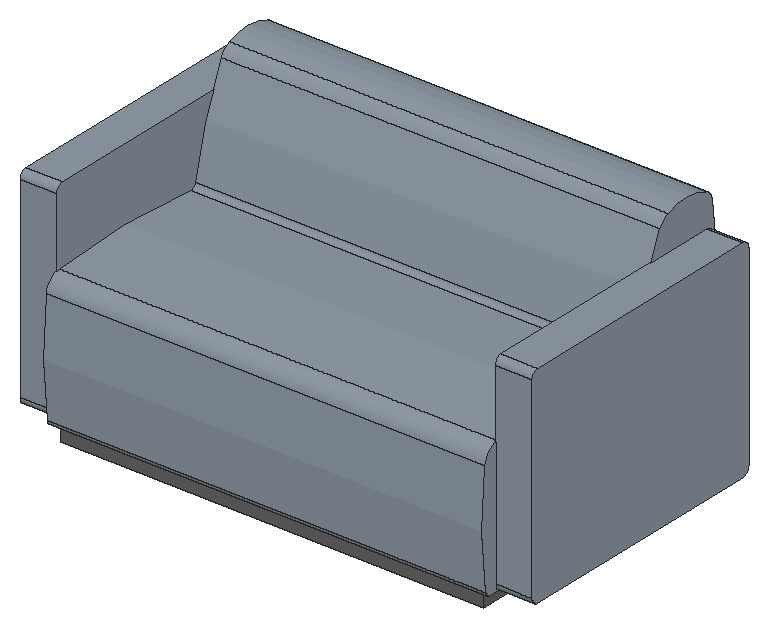
Revit family "FU_Modular_Sandler_Pau 1220TA", category Furniture, Revit 2022
Family settings
  OmniClass Number = 23.40.20.00
  OmniClass Title = General Furniture and Specialties
  Work Plane-Based = No
  Always vertical = Yes
  Cut with Voids When Loaded = No
  Render Appearance Source = Family Geometry
  Shared = No
  Room Calculation Point = No
Parameters (values of type "PAU 1220TA")
  Width = 1200 mm
  URL = "https://www.sandlerseating.com/product/pau1220ta/"
  Seat [instance] = Fabric - Gravity - Frozen CPC27
  OV Width = 1400 mm
  Model = "PAU1220TA"
  Manufacturer = "Sandler"
  Height = 720 mm
  Description = "Upholstered sofa with armrest. Width 140cm / 55.1\"."
  Depth = 800 mm
  Default Elevation = 0 mm
  Base [instance] = Lacquer - W1 - B00 Black
Reference planes
  plane 1 "Center (Front/Back)": y = 0
  plane 2: z = 0
  plane 3 "Center (Left/Right)": x = 0
  plane 4 "Seat Right": x = -600
  plane 5 "Seat Left": x = 600
  plane 6 "Back": y = 400
  plane 7 "Front": y = -400
  plane 8 "Height": z = 720
  plane 9 "Seat height": z = 420
  plane 10 "Base Right": x = -579.111
  plane 11 "Base Back": y = 366.687
  plane 12 "Base Left": x = 578.588
  plane 13 "Base Front": y = -366.901
  plane 14 "Base Top": z = 40
  plane 15 "Arm Right": x = -700
  plane 16 "Arm Left": x = 700
Forms (mm)
  Extrusion 1, solid, material "Lacquer - W1 - B00 Black" <- "Base"
    sketch origin (0, 0, 0) x (1, 0, 0) y (0, 1, 0)
      loop
        line (-579.111, 366.687) -> (-579.111, -366.901) -> (578.588, -366.901) -> (578.588, 366.687) -> (-579.111, 366.687)
    from 0 to 40
  Extrusion 2, solid, material "Fabric - Gravity - Frozen CPC27" <- "Seat"
    sketch origin (0, 0, 0) x (0, 1, 0) y (0, 0, 1)
      loop
        arc (-347.109, 408.238) -> (-376.551, 394.157) -> (-391.033, 364.911) r 50
        arc (-391.033, 364.911) -> (-399.905, 208.642) -> (-386.679, 52.681) r 1108.576
        arc (-386.679, 52.681) -> (-381.612, 43.603) -> (-371.859, 40) r 15
        line (-371.859, 40) -> (374.029, 40)
        arc (374.029, 40) -> (380.395, 42.288) -> (383.848, 48.104) r 10
        arc (383.848, 48.104) -> (399.882, 210.98) -> (385.633, 374.022) r 884.51
        arc (385.633, 374.022) -> (383.344, 399.87) -> (385.795, 425.704) r 142.036
        arc (385.795, 425.704) -> (397.5, 553.207) -> (385.031, 680.637) r 678.162
        arc (385.031, 680.637) -> (378.627, 694.761) -> (366.547, 704.486) r 33.492
        arc (366.547, 704.486) -> (302.388, 719.935) -> (237.455, 708.154) r 159.868
        arc (237.455, 708.154) -> (220.834, 697.678) -> (208.813, 682.137) r 56.417
        arc (208.813, 682.137) -> (152.848, 552.661) -> (116.957, 416.25) r 936.801
        arc (116.957, 416.25) -> (111.022, 406.829) -> (100.228, 404.095) r 15
        arc (100.228, 404.095) -> (-123.313, 419.929) -> (-347.109, 408.238) r 1824.42
    from -600 to 600
  Extrusion 3, solid, material "Fabric - Gravity - Frozen CPC27" <- "Seat"
    sketch origin (700, 0, 0) x (0, -1, 0) y (0, 0, 1)
      loop
        arc (335, 40) -> (349.142, 45.858) -> (355, 60) r 20
        line (355, 60) -> (355, 595)
        arc (355, 595) -> (349.142, 609.142) -> (335, 615) r 20
        line (335, 615) -> (-365.031, 615)
        arc (-365.031, 615) -> (-379.173, 609.142) -> (-385.031, 595) r 20
        line (-385.031, 595) -> (-385.031, 60)
        arc (-385.031, 60) -> (-379.173, 45.858) -> (-365.031, 40) r 20
        line (-365.031, 40) -> (335, 40)
    from 0 to 100
  Extrusion 4, solid, material "Fabric - Gravity - Frozen CPC27" <- "Seat"
    sketch origin (-700, 0, 0) x (0, -1, 0) y (0, 0, 1)
      loop
        arc (335, 40) -> (349.142, 45.858) -> (355, 60) r 20
        line (355, 60) -> (355, 595)
        arc (355, 595) -> (349.142, 609.142) -> (335, 615) r 20
        line (335, 615) -> (-365.031, 615)
        arc (-365.031, 615) -> (-379.173, 609.142) -> (-385.031, 595) r 20
        line (-385.031, 595) -> (-385.031, 60)
        arc (-385.031, 60) -> (-379.173, 45.858) -> (-365.031, 40) r 20
        line (-365.031, 40) -> (335, 40)
    from -100 to 0
Dimensions and locks
  equal spacing: plane 4 "Seat Right", plane 3 "Center (Left/Right)", plane 5 "Seat Left"
  "Width": plane 4 "Seat Right" to plane 5 "Seat Left"
  equal spacing: plane 6 "Back", plane 1 "Center (Front/Back)", plane 7 "Front"
  "Depth": plane 6 "Back" to plane 7 "Front"
  "Height": plane 8 "Height" to level
  plane 9 "Seat height" to level = 420 mm
  locked: plane 6 "Back" to plane 11 "Base Back" at 33.313
  locked: plane 4 "Seat Right" to plane 10 "Base Right" at 20.889
  locked: plane 12 "Base Left" to plane 5 "Seat Left" at 21.412
  locked: plane 13 "Base Front" to plane 7 "Front" at 33.099
  "OV Width": plane 15 "Arm Right" to plane 16 "Arm Left"
  locked: plane 15 "Arm Right" to plane 4 "Seat Right" at 100
  plane 5 "Seat Left" to plane 16 "Arm Left" = 100 mm
  aligned and locked: level to plane 2
  aligned and locked: Extrusion 1 sketch curve to plane 11 "Base Back"
  aligned and locked: Extrusion 1 sketch curve to plane 10 "Base Right"
  aligned and locked: Extrusion 1 sketch curve to plane 13 "Base Front"
  aligned and locked: Extrusion 1 sketch curve to plane 12 "Base Left"
  aligned and locked: plane 4 "Seat Right" to Extrusion 2
  aligned and locked: Extrusion 2 to plane 5 "Seat Left"
  aligned and locked: Extrusion 3 to plane 16 "Arm Left"
  aligned and locked: plane 5 "Seat Left" to Extrusion 3
  aligned and locked: Extrusion 4 to plane 4 "Seat Right"
  aligned and locked: plane 15 "Arm Right" to Extrusion 4
Automatic sketch dimensions
  plane 14 "Base Top" to Extrusion 2 sketch curve = 0 mm
  Extrusion 2 sketch curve to plane 7 "Front" = 84.615 mm
  Extrusion 2 sketch curve to plane 13 "Base Front" = 4.958 mm
  plane 13 "Base Front" to Extrusion 2 sketch curve = 25.463 mm
  plane 13 "Base Front" to Extrusion 2 sketch curve = 86.242 mm
  plane 1 "Center (Front/Back)" to Extrusion 2 sketch curve = 140.209 mm
  Extrusion 2 sketch curve to plane 9 "Seat height" = 1.036 mm
  Extrusion 2 sketch curve to plane 1 "Center (Front/Back)" = 102.204 mm
  plane 11 "Base Back" to Extrusion 2 sketch curve = 107.92 mm
  plane 11 "Base Back" to Extrusion 2 sketch curve = 68.841 mm
  plane 11 "Base Back" to Extrusion 2 sketch curve = 14.533 mm
  Extrusion 2 sketch curve to plane 11 "Base Back" = 7.342 mm
  Extrusion 2 sketch curve to plane 9 "Seat height" = 20.575 mm
  plane 6 "Back" to Extrusion 2 sketch curve = 125.379 mm
  Extrusion 2 sketch curve to Extrusion 2 sketch curve = 183.184 mm
  Extrusion 2 sketch curve to Extrusion 2 sketch curve = 329.735 mm
  Extrusion 2 sketch curve to level = 1404.412 mm
  Extrusion 2 sketch curve to plane 14 "Base Top" = 10 mm
  Extrusion 2 sketch curve to plane 14 "Base Top" = 15 mm
  Extrusion 2 sketch curve to plane 14 "Base Top" = 175.825 mm
  Extrusion 2 sketch curve to plane 14 "Base Top" = 184.101 mm
  Extrusion 2 sketch curve to plane 9 "Seat height" = 173.236 mm
  Extrusion 2 sketch curve to plane 9 "Seat height" = 61.44 mm
  plane 9 "Seat height" to Extrusion 2 sketch curve = 131.174 mm
  plane 9 "Seat height" to Extrusion 2 sketch curve = 140.132 mm
  Extrusion 2 sketch curve to plane 8 "Height" = 64.082 mm
  Extrusion 2 sketch curve to plane 8 "Height" = 45.757 mm
  plane 7 "Front" to Extrusion 2 sketch curve = 8.967 mm
  Extrusion 2 sketch curve to Extrusion 2 sketch curve = 0 mm  (x10)
  plane 14 "Base Top" to Extrusion 3 sketch curve = 0 mm
  Extrusion 3 sketch curve to plane 6 "Back" = 14.969 mm
  plane 11 "Base Back" to Extrusion 3 sketch curve = 1.656 mm  (x2)
  plane 13 "Base Front" to Extrusion 3 sketch curve = 31.901 mm  (x2)
  plane 13 "Base Front" to Extrusion 3 sketch curve = 11.901 mm
  Extrusion 3 sketch curve to plane 8 "Height" = 125 mm
  plane 14 "Base Top" to Extrusion 4 sketch curve = 0 mm
  Extrusion 4 sketch curve to plane 6 "Back" = 14.969 mm
  plane 11 "Base Back" to Extrusion 4 sketch curve = 1.656 mm  (x2)
  plane 13 "Base Front" to Extrusion 4 sketch curve = 31.901 mm  (x2)
  plane 13 "Base Front" to Extrusion 4 sketch curve = 11.901 mm
  Extrusion 4 sketch curve to plane 8 "Height" = 125 mm
